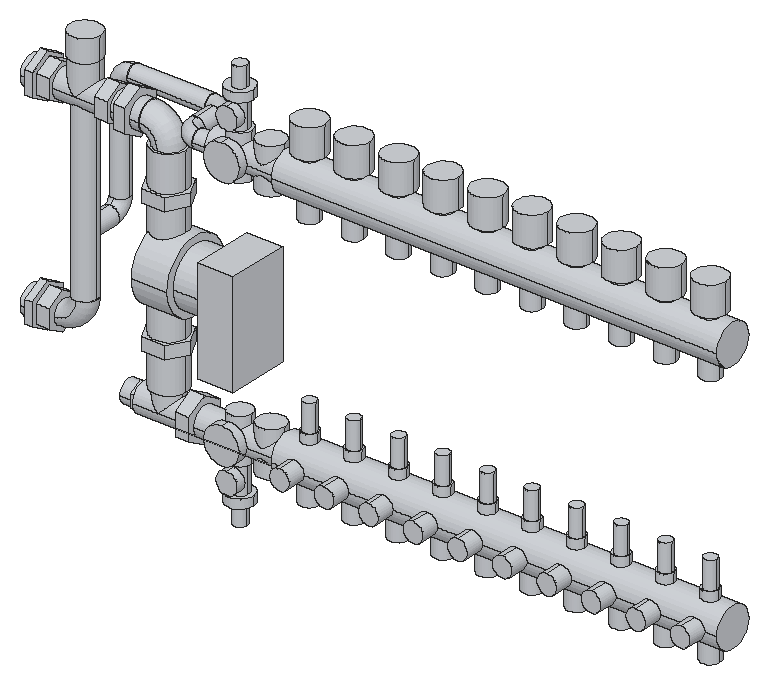
Revit family "318_9a689d3108a543b69a2137953e2806", category Pipe Accessories, Revit 2017 (continued)
Dimensions and locks
  aligned and locked: plane 31 "244" to Extrusion 128 sketch curve
  aligned and locked: plane 48 "227" to Extrusion 128 sketch curve
  aligned and locked: plane 48 "227" to Extrusion 129 sketch curve
  aligned and locked: plane 70 "205" to Extrusion 129 sketch curve
  aligned and locked: plane 48 "227" to Extrusion 131 sketch curve
  aligned and locked: plane 72 "203" to Extrusion 131 sketch curve
  aligned and locked: plane 33 "242" to Extrusion 134 sketch curve
  aligned and locked: Extrusion 134 sketch curve to plane 48 "227"
  aligned and locked: plane 33 "242" to Revolve 135 sketch curve
  aligned and locked: Revolve 135 sketch curve to plane 48 "227"
  aligned and locked: Extrusion 137 sketch curve to plane 48 "227"
  aligned and locked: plane 62 "213" to Extrusion 137 sketch curve
  aligned and locked: plane 48 "227" to Extrusion 138 sketch curve
  aligned and locked: plane 60 "215" to Extrusion 138 sketch curve
  aligned and locked: plane 48 "227" to Extrusion 139 sketch curve
  aligned and locked: plane 61 "214" to Extrusion 139 sketch curve
  aligned and locked: plane 48 "227" to Extrusion 140 sketch curve
  aligned and locked: plane 59 "216" to Extrusion 140 sketch curve
  aligned and locked: plane 48 "227" to Extrusion 141 sketch curve
  aligned and locked: plane 58 "217" to Extrusion 141 sketch curve
  aligned and locked: plane 48 "227" to Extrusion 142 sketch curve
  aligned and locked: plane 57 "218" to Extrusion 142 sketch curve
  aligned and locked: plane 48 "227" to Extrusion 143 sketch curve
  aligned and locked: plane 56 "219" to Extrusion 143 sketch curve
  aligned and locked: plane 48 "227" to Extrusion 144 sketch curve
  aligned and locked: plane 53 "222" to Extrusion 144 sketch curve
  aligned and locked: plane 48 "227" to Extrusion 145 sketch curve
  aligned and locked: plane 52 "223" to Extrusion 145 sketch curve
  aligned and locked: plane 48 "227" to Extrusion 146 sketch curve
  aligned and locked: plane 55 "220" to Extrusion 146 sketch curve
  aligned and locked: plane 48 "227" to Extrusion 147 sketch curve
  aligned and locked: plane 60 "215" to Extrusion 147 sketch curve
  aligned and locked: plane 48 "227" to Extrusion 148 sketch curve
  aligned and locked: plane 61 "214" to Extrusion 148 sketch curve
  aligned and locked: Extrusion 149 sketch curve to plane 48 "227"
  aligned and locked: plane 62 "213" to Extrusion 149 sketch curve
  aligned and locked: plane 48 "227" to Extrusion 150 sketch curve
  aligned and locked: plane 59 "216" to Extrusion 150 sketch curve
  aligned and locked: plane 48 "227" to Extrusion 151 sketch curve
  aligned and locked: plane 58 "217" to Extrusion 151 sketch curve
  aligned and locked: plane 48 "227" to Extrusion 152 sketch curve
  aligned and locked: plane 57 "218" to Extrusion 152 sketch curve
  aligned and locked: plane 48 "227" to Extrusion 153 sketch curve
  aligned and locked: plane 56 "219" to Extrusion 153 sketch curve
  aligned and locked: plane 48 "227" to Extrusion 154 sketch curve
  aligned and locked: plane 55 "220" to Extrusion 154 sketch curve
  aligned and locked: Extrusion 155 sketch curve to plane 48 "227"
  aligned and locked: plane 50 "225" to Extrusion 155 sketch curve
  aligned and locked: plane 33 "242" to Extrusion 156 sketch curve
  aligned and locked: Extrusion 156 sketch curve to plane 48 "227"
  aligned and locked: plane 48 "227" to Extrusion 157 sketch curve
  aligned and locked: plane 52 "223" to Extrusion 157 sketch curve
  aligned and locked: plane 48 "227" to Extrusion 158 sketch curve
  aligned and locked: plane 53 "222" to Extrusion 158 sketch curve
Automatic sketch dimensions
  plane 36 "239" to Extrusion 1 sketch curve = 1 mm
  Revolve 2 sketch curve to plane 7 "629" = 0 mm
  Revolve 2 sketch curve to level = 0 mm
  level to Revolve 2 sketch curve = 10 mm
  Revolve 2 sketch curve to plane 28 "247" = 7 mm
  plane 12 "614" to Extrusion 3 sketch curve = 5 mm
  Revolve 4 sketch curve to level = 0 mm
  plane 15 "606" to Revolve 4 sketch curve = 5 mm
  Revolve 4 sketch curve to plane 28 "247" = 7 mm
  plane 15 "606" to Extrusion 5 sketch curve = 5 mm
  Revolve 6 sketch curve to Revolve 6 sketch curve = 10 mm
  plane 4 "INIT_TEMP" to Revolve 6 sketch curve = 1015 mm
  Revolve 6 sketch curve to Revolve 6 sketch curve = 85 mm
  Extrusion 7 sketch curve to plane 72 "203" = 10 mm
  Revolve 8 sketch curve to plane 14 "607" = 0 mm
  Revolve 8 sketch curve to plane 23 "252" = 8.5 mm
  Revolve 8 sketch curve to plane 3 "Center (Left/Right)" = 885 mm
  Revolve 8 sketch curve to Revolve 8 sketch curve = 75 mm
  Extrusion 9 sketch curve to plane 23 "252" = 8.5 mm
  Revolve 10 sketch curve to plane 36 "239" = 0 mm
  Revolve 10 sketch curve to plane 44 "231" = 0 mm
  plane 4 "INIT_TEMP" to Revolve 10 sketch curve = 1120 mm
  Revolve 10 sketch curve to Revolve 10 sketch curve = 100 mm
  Extrusion 11 sketch curve to plane 1 "Center (Front/Back)" = 0 mm  (x2)
  Extrusion 11 sketch curve to plane 30 "245" = 0 mm
  plane 54 "221" to Extrusion 11 sketch curve = 0.349 mm
  plane 6 "630" to Extrusion 11 sketch curve = 11.651 mm
  Extrusion 11 sketch curve to plane 51 "224" = 9.5 mm  (x2)
  plane 12 "614" to Extrusion 11 sketch curve = 2.5 mm  (x2)
  Extrusion 11 sketch curve to plane 44 "231" = 4 mm
  Extrusion 12 sketch curve to plane 36 "239" = 0 mm
  plane 75 "200" to Extrusion 13 sketch curve = 8 mm
  Extrusion 14 sketch curve to plane 15 "606" = 0 mm
  Extrusion 14 sketch curve to plane 54 "221" = 13 mm
  plane 41 "234" to Extrusion 14 sketch curve = 3.5 mm
  plane 14 "607" to Extrusion 14 sketch curve = 21.5 mm
  Extrusion 15 sketch curve to plane 54 "221" = 10.5 mm
  Extrusion 16 sketch curve to plane 54 "221" = 18 mm
  plane 18 "595" to Extrusion 17 sketch curve = 2 mm
  plane 75 "200" to Extrusion 18 sketch curve = 9 mm
  Extrusion 19 sketch curve to level = 0 mm
  plane 44 "231" to Extrusion 19 sketch curve = 1 mm
  Extrusion 20 sketch curve to plane 31 "244" = 9 mm
  plane 21 "254" to Extrusion 21 sketch curve = 5 mm
  Extrusion 22 sketch curve to plane 31 "244" = 7.5 mm
  plane 66 "209" to Extrusion 23 sketch curve = 2 mm
  plane 21 "254" to Extrusion 24 sketch curve = 7 mm
  plane 65 "210" to Extrusion 25 sketch curve = 5 mm
  plane 40 "235" to Extrusion 26 sketch curve = 4 mm
  Extrusion 27 sketch curve to plane 31 "244" = 7.5 mm
  plane 21 "254" to Extrusion 28 sketch curve = 5 mm
  Extrusion 29 sketch curve to plane 31 "244" = 9 mm
  plane 18 "595" to Extrusion 30 sketch curve = 2 mm
  plane 34 "241" to Extrusion 31 sketch curve = 1 mm
  plane 1 "Center (Front/Back)" to Extrusion 32 sketch curve = 0 mm  (x2)
  plane 32 "243" to Extrusion 32 sketch curve = 3 mm
  Extrusion 32 sketch curve to plane 24 "251" = 2.5 mm  (x2)
  plane 54 "221" to Extrusion 32 sketch curve = 0.349 mm
  plane 9 "621" to Extrusion 32 sketch curve = 4.5 mm  (x2)
  plane 8 "626" to Extrusion 32 sketch curve = 2 mm
  plane 6 "630" to Extrusion 32 sketch curve = 11.651 mm
  plane 1 "Center (Front/Back)" to Extrusion 33 sketch curve = 0 mm  (x2)
  plane 32 "243" to Extrusion 33 sketch curve = 3 mm
  plane 54 "221" to Extrusion 33 sketch curve = 0.349 mm
  Extrusion 33 sketch curve to plane 24 "251" = 2.5 mm  (x2)
  plane 9 "621" to Extrusion 33 sketch curve = 4.5 mm  (x2)
  plane 8 "626" to Extrusion 33 sketch curve = 2 mm
  plane 6 "630" to Extrusion 33 sketch curve = 11.651 mm
  plane 18 "595" to Extrusion 34 sketch curve = 2 mm
  plane 36 "239" to Extrusion 35 sketch curve = 3.5 mm
  Extrusion 36 sketch curve to plane 1 "Center (Front/Back)" = 0 mm  (x2)
  plane 36 "239" to Extrusion 36 sketch curve = 3.01 mm
  plane 6 "630" to Extrusion 36 sketch curve = 2.99 mm
  plane 65 "210" to Extrusion 36 sketch curve = 10 mm
  Extrusion 36 sketch curve to plane 49 "226" = 7.5 mm  (x2)
  plane 49 "226" to Extrusion 36 sketch curve = 7.5 mm  (x2)
  Extrusion 36 sketch curve to plane 42 "233" = 6 mm
  Extrusion 37 sketch curve to plane 1 "Center (Front/Back)" = 0 mm  (x2)
  Extrusion 37 sketch curve to plane 30 "245" = 0 mm
  plane 54 "221" to Extrusion 37 sketch curve = 0.349 mm
  plane 6 "630" to Extrusion 37 sketch curve = 11.651 mm
  Extrusion 37 sketch curve to plane 51 "224" = 9.5 mm  (x2)
  plane 12 "614" to Extrusion 37 sketch curve = 2.5 mm  (x2)
  Extrusion 37 sketch curve to plane 44 "231" = 4 mm
  Extrusion 38 sketch curve to plane 36 "239" = 0 mm
  Extrusion 39 sketch curve to plane 1 "Center (Front/Back)" = 0 mm  (x2)
  Extrusion 39 sketch curve to plane 65 "210" = 0 mm
  Extrusion 39 sketch curve to plane 71 "204" = 0 mm
  plane 54 "221" to Extrusion 39 sketch curve = 0.349 mm
  plane 6 "630" to Extrusion 39 sketch curve = 11.651 mm
  Extrusion 39 sketch curve to plane 49 "226" = 12.5 mm  (x2)
  Extrusion 39 sketch curve to plane 42 "233" = 8.5 mm  (x2)
  Extrusion 40 sketch curve to plane 36 "239" = 0 mm
  Extrusion 127 sketch curve to plane 70 "205" = 15 mm
  plane 21 "254" to Extrusion 128 sketch curve = 7 mm
  Extrusion 129 sketch curve to plane 70 "205" = 15 mm
  Extrusion 130 sketch curve to plane 1 "Center (Front/Back)" = 0 mm  (x2)
  Extrusion 130 sketch curve to plane 44 "231" = 0 mm
  Extrusion 130 sketch curve to plane 36 "239" = 2.187 mm
  plane 6 "630" to Extrusion 130 sketch curve = 8.187 mm
  plane 12 "614" to Extrusion 130 sketch curve = 4.5 mm  (x2)
  level to Extrusion 130 sketch curve = 10.5 mm  (x2)
  Extrusion 130 sketch curve to plane 51 "224" = 1 mm
  plane 75 "200" to Extrusion 131 sketch curve = 12 mm
  Extrusion 132 sketch curve to plane 1 "Center (Front/Back)" = 0 mm  (x2)
  Extrusion 132 sketch curve to plane 44 "231" = 0 mm
  Extrusion 132 sketch curve to plane 36 "239" = 2.187 mm
  plane 6 "630" to Extrusion 132 sketch curve = 8.187 mm
  plane 12 "614" to Extrusion 132 sketch curve = 4.5 mm  (x2)
  level to Extrusion 132 sketch curve = 10.5 mm  (x2)
  Extrusion 132 sketch curve to plane 51 "224" = 1 mm
  Extrusion 133 sketch curve to plane 1 "Center (Front/Back)" = 0 mm  (x2)
  Extrusion 133 sketch curve to plane 25 "250" = 0 mm
  Extrusion 133 sketch curve to plane 36 "239" = 2.187 mm
  plane 41 "234" to Extrusion 133 sketch curve = 3.5 mm  (x2)
  plane 6 "630" to Extrusion 133 sketch curve = 8.187 mm
  Extrusion 133 sketch curve to plane 33 "242" = 10.5 mm  (x2)
  plane 67 "208" to Extrusion 133 sketch curve = 1 mm
  Extrusion 134 sketch curve to plane 36 "239" = 0 mm
  Revolve 135 sketch curve to plane 76 "199" = 0 mm
  plane 36 "239" to Revolve 135 sketch curve = 3 mm
  plane 4 "INIT_TEMP" to Revolve 135 sketch curve = 825 mm
  Revolve 135 sketch curve to Revolve 135 sketch curve = 100 mm
  Extrusion 136 sketch curve to plane 1 "Center (Front/Back)" = 0 mm  (x2)
  Extrusion 136 sketch curve to plane 76 "199" = 0 mm
  plane 54 "221" to Extrusion 136 sketch curve = 0.349 mm
  plane 41 "234" to Extrusion 136 sketch curve = 5.5 mm  (x2)
  plane 6 "630" to Extrusion 136 sketch curve = 11.651 mm
  plane 67 "208" to Extrusion 136 sketch curve = 9.5 mm  (x2)
  Extrusion 136 sketch curve to plane 67 "208" = 3 mm
  plane 6 "630" to Extrusion 137 sketch curve = 0 mm
  Extrusion 138 sketch curve to plane 6 "630" = 0 mm
  Extrusion 139 sketch curve to plane 6 "630" = 0 mm
  Extrusion 140 sketch curve to plane 6 "630" = 0 mm
  Extrusion 141 sketch curve to plane 6 "630" = 0 mm
  Extrusion 142 sketch curve to plane 6 "630" = 0 mm
  Extrusion 143 sketch curve to plane 6 "630" = 0 mm
  Extrusion 144 sketch curve to plane 6 "630" = 0 mm
  Extrusion 145 sketch curve to plane 6 "630" = 0 mm
  Extrusion 146 sketch curve to plane 6 "630" = 0 mm
  Extrusion 147 sketch curve to plane 6 "630" = 0 mm
  Extrusion 148 sketch curve to plane 6 "630" = 0 mm
  plane 6 "630" to Extrusion 149 sketch curve = 0 mm
  Extrusion 150 sketch curve to plane 6 "630" = 0 mm
  Extrusion 151 sketch curve to plane 6 "630" = 0 mm
  Extrusion 152 sketch curve to plane 6 "630" = 0 mm
  Extrusion 153 sketch curve to plane 6 "630" = 0 mm
  Extrusion 154 sketch curve to plane 6 "630" = 0 mm
  Extrusion 155 sketch curve to plane 6 "630" = 0 mm
  Extrusion 156 sketch curve to plane 6 "630" = 0 mm
  Extrusion 157 sketch curve to plane 6 "630" = 0 mm
  Extrusion 158 sketch curve to plane 6 "630" = 0 mm
Connectors
  piping at (0, 0, 0), diameter 25, driven by "Flow supply main", driven by "SMP"
    settings: on Extrusion 155, index 1, connector inside diameter 609.6 mm, connector length 0 mm, flow factor 0, pipe flow 0.0 L/s, pressure drop 0.0 Pa, fitting loss kfactor 0, connector angle 0.00°, fixture units 0, engagement length 0 mm, angle of deflection 0.00°, flow configuration 1, flow direction 1, fitting loss method 0, system type 7, joint type 0, gender type 0, connector reference index -1, connector utility 0, adjustable connector no, is connector primary yes, connector description "Main_1_1"
  piping at (312, 0, -325), diameter 18, driven by "Flow supply 1", driven by "SBP1"
    settings: on Extrusion 157, index 2, connector inside diameter 609.6 mm, connector length 0 mm, flow factor 0, pipe flow 0.0 L/s, pressure drop 0.0 Pa, fitting loss kfactor 0, connector angle 0.00°, fixture units 0, engagement length 0 mm, angle of deflection 0.00°, flow configuration 0, flow direction 2, fitting loss method 0, system type 7, joint type 0, gender type 0, connector reference index -1, connector utility 0, adjustable connector no, is connector primary no, connector description "Branch_1_1"
  piping at (362, 0, -325), diameter 18, driven by "Flow supply 2", driven by "SBP2"
    settings: on Extrusion 158, index 3, connector inside diameter 609.6 mm, connector length 0 mm, flow factor 0, pipe flow 0.0 L/s, pressure drop 0.0 Pa, fitting loss kfactor 0, connector angle 0.00°, fixture units 0, engagement length 0 mm, angle of deflection 0.00°, flow configuration 0, flow direction 2, fitting loss method 0, system type 7, joint type 0, gender type 0, connector reference index -1, connector utility 0, adjustable connector no, is connector primary no, connector description "Branch_1_2"
  piping at (412, 0, -325), diameter 18, driven by "Flow supply 3", driven by "SBP3"
    settings: on Extrusion 154, index 4, connector inside diameter 609.6 mm, connector length 0 mm, flow factor 0, pipe flow 0.0 L/s, pressure drop 0.0 Pa, fitting loss kfactor 0, connector angle 0.00°, fixture units 0, engagement length 0 mm, angle of deflection 0.00°, flow configuration 0, flow direction 2, fitting loss method 0, system type 7, joint type 0, gender type 0, connector reference index -1, connector utility 0, adjustable connector no, is connector primary no, connector description "Branch_1_3"
  piping at (462, 0, -325), diameter 18, driven by "Flow supply 4", driven by "SBP4"
    settings: on Extrusion 153, index 5, connector inside diameter 609.6 mm, connector length 0 mm, flow factor 0, pipe flow 0.0 L/s, pressure drop 0.0 Pa, fitting loss kfactor 0, connector angle 0.00°, fixture units 0, engagement length 0 mm, angle of deflection 0.00°, flow configuration 0, flow direction 2, fitting loss method 0, system type 7, joint type 0, gender type 0, connector reference index -1, connector utility 0, adjustable connector no, is connector primary no, connector description "Branch_1_4"
  piping at (512, 0, -325), diameter 18, driven by "Flow supply 5", driven by "SBP5"
    settings: on Extrusion 152, index 6, connector inside diameter 609.6 mm, connector length 0 mm, flow factor 0, pipe flow 0.0 L/s, pressure drop 0.0 Pa, fitting loss kfactor 0, connector angle 0.00°, fixture units 0, engagement length 0 mm, angle of deflection 0.00°, flow configuration 0, flow direction 2, fitting loss method 0, system type 7, joint type 0, gender type 0, connector reference index -1, connector utility 0, adjustable connector no, is connector primary no, connector description "Branch_1_5"
  piping at (562, 0, -325), diameter 18, driven by "Flow supply 6", driven by "SBP6"
    settings: on Extrusion 151, index 7, connector inside diameter 609.6 mm, connector length 0 mm, flow factor 0, pipe flow 0.0 L/s, pressure drop 0.0 Pa, fitting loss kfactor 0, connector angle 0.00°, fixture units 0, engagement length 0 mm, angle of deflection 0.00°, flow configuration 0, flow direction 2, fitting loss method 0, system type 7, joint type 0, gender type 0, connector reference index -1, connector utility 0, adjustable connector no, is connector primary no, connector description "Branch_1_6"
  piping at (612, 0, -325), diameter 18, driven by "Flow supply 7", driven by "SBP7"
    settings: on Extrusion 150, index 8, connector inside diameter 609.6 mm, connector length 0 mm, flow factor 0, pipe flow 0.0 L/s, pressure drop 0.0 Pa, fitting loss kfactor 0, connector angle 0.00°, fixture units 0, engagement length 0 mm, angle of deflection 0.00°, flow configuration 0, flow direction 2, fitting loss method 0, system type 7, joint type 0, gender type 0, connector reference index -1, connector utility 0, adjustable connector no, is connector primary no, connector description "Branch_1_7"
  piping at (662, 0, -325), diameter 18, driven by "Flow supply 8", driven by "SBP8"
    settings: on Extrusion 147, index 9, connector inside diameter 609.6 mm, connector length 0 mm, flow factor 0, pipe flow 0.0 L/s, pressure drop 0.0 Pa, fitting loss kfactor 0, connector angle 0.00°, fixture units 0, engagement length 0 mm, angle of deflection 0.00°, flow configuration 0, flow direction 2, fitting loss method 0, system type 7, joint type 0, gender type 0, connector reference index -1, connector utility 0, adjustable connector no, is connector primary no, connector description "Branch_1_8"
  piping at (712, 0, -325), diameter 18, driven by "Flow supply 9", driven by "SBP9"
    settings: on Extrusion 148, index 10, connector inside diameter 609.6 mm, connector length 0 mm, flow factor 0, pipe flow 0.0 L/s, pressure drop 0.0 Pa, fitting loss kfactor 0, connector angle 0.00°, fixture units 0, engagement length 0 mm, angle of deflection 0.00°, flow configuration 0, flow direction 2, fitting loss method 0, system type 7, joint type 0, gender type 0, connector reference index -1, connector utility 0, adjustable connector no, is connector primary no, connector description "Branch_1_9"
  piping at (762, 0, -325), diameter 18, driven by "Flow supply 10", driven by "SBP10"
    settings: on Extrusion 149, index 11, connector inside diameter 609.6 mm, connector length 0 mm, flow factor 0, pipe flow 0.0 L/s, pressure drop 0.0 Pa, fitting loss kfactor 0, connector angle 0.00°, fixture units 0, engagement length 0 mm, angle of deflection 0.00°, flow configuration 0, flow direction 2, fitting loss method 0, system type 7, joint type 0, gender type 0, connector reference index -1, connector utility 0, adjustable connector no, is connector primary no, connector description "Branch_1_10"
  piping at (0, 0, -231), diameter 25, driven by "Flow return main", driven by "RMP"
    settings: on Extrusion 156, index 12, connector inside diameter 609.6 mm, connector length 0 mm, flow factor 0, pipe flow 0.0 L/s, pressure drop 0.0 Pa, fitting loss kfactor 0, connector angle 0.00°, fixture units 0, engagement length 0 mm, angle of deflection 0.00°, flow configuration 1, flow direction 2, fitting loss method 0, system type 8, joint type 0, gender type 0, connector reference index -1, connector utility 0, adjustable connector no, is connector primary no, connector description "Main_2_1"
  piping at (312, 0, -40), diameter 18, driven by "Flow return 1", driven by "RBP1"
    settings: on Extrusion 145, index 13, connector inside diameter 609.6 mm, connector length 0 mm, flow factor 0, pipe flow 0.0 L/s, pressure drop 0.0 Pa, fitting loss kfactor 0, connector angle 0.00°, fixture units 0, engagement length 0 mm, angle of deflection 0.00°, flow configuration 0, flow direction 1, fitting loss method 0, system type 8, joint type 0, gender type 0, connector reference index -1, connector utility 0, adjustable connector no, is connector primary no, connector description "Branch_2_1"
  piping at (362, 0, -40), diameter 18, driven by "Flow return 2", driven by "RBP2"
    settings: on Extrusion 144, index 14, connector inside diameter 609.6 mm, connector length 0 mm, flow factor 0, pipe flow 0.0 L/s, pressure drop 0.0 Pa, fitting loss kfactor 0, connector angle 0.00°, fixture units 0, engagement length 0 mm, angle of deflection 0.00°, flow configuration 0, flow direction 1, fitting loss method 0, system type 8, joint type 0, gender type 0, connector reference index -1, connector utility 0, adjustable connector no, is connector primary no, connector description "Branch_2_2"
  piping at (412, 0, -40), diameter 18, driven by "Flow return 3", driven by "RBP3"
    settings: on Extrusion 146, index 15, connector inside diameter 609.6 mm, connector length 0 mm, flow factor 0, pipe flow 0.0 L/s, pressure drop 0.0 Pa, fitting loss kfactor 0, connector angle 0.00°, fixture units 0, engagement length 0 mm, angle of deflection 0.00°, flow configuration 0, flow direction 1, fitting loss method 0, system type 8, joint type 0, gender type 0, connector reference index -1, connector utility 0, adjustable connector no, is connector primary no, connector description "Branch_2_3"
  piping at (462, 0, -40), diameter 18, driven by "Flow return 4", driven by "RBP4"
    settings: on Extrusion 143, index 16, connector inside diameter 609.6 mm, connector length 0 mm, flow factor 0, pipe flow 0.0 L/s, pressure drop 0.0 Pa, fitting loss kfactor 0, connector angle 0.00°, fixture units 0, engagement length 0 mm, angle of deflection 0.00°, flow configuration 0, flow direction 1, fitting loss method 0, system type 8, joint type 0, gender type 0, connector reference index -1, connector utility 0, adjustable connector no, is connector primary no, connector description "Branch_2_4"
  piping at (512, 0, -40), diameter 18, driven by "Flow return 5", driven by "RBP5"
    settings: on Extrusion 142, index 17, connector inside diameter 609.6 mm, connector length 0 mm, flow factor 0, pipe flow 0.0 L/s, pressure drop 0.0 Pa, fitting loss kfactor 0, connector angle 0.00°, fixture units 0, engagement length 0 mm, angle of deflection 0.00°, flow configuration 0, flow direction 1, fitting loss method 0, system type 8, joint type 0, gender type 0, connector reference index -1, connector utility 0, adjustable connector no, is connector primary no, connector description "Branch_2_5"
  piping at (562, 0, -40), diameter 18, driven by "Flow return 6", driven by "RBP6"
    settings: on Extrusion 141, index 18, connector inside diameter 609.6 mm, connector length 0 mm, flow factor 0, pipe flow 0.0 L/s, pressure drop 0.0 Pa, fitting loss kfactor 0, connector angle 0.00°, fixture units 0, engagement length 0 mm, angle of deflection 0.00°, flow configuration 0, flow direction 1, fitting loss method 0, system type 8, joint type 0, gender type 0, connector reference index -1, connector utility 0, adjustable connector no, is connector primary no, connector description "Branch_2_6"
  piping at (612, 0, -40), diameter 18, driven by "Flow return 7", driven by "RBP7"
    settings: on Extrusion 140, index 19, connector inside diameter 609.6 mm, connector length 0 mm, flow factor 0, pipe flow 0.0 L/s, pressure drop 0.0 Pa, fitting loss kfactor 0, connector angle 0.00°, fixture units 0, engagement length 0 mm, angle of deflection 0.00°, flow configuration 0, flow direction 1, fitting loss method 0, system type 8, joint type 0, gender type 0, connector reference index -1, connector utility 0, adjustable connector no, is connector primary no, connector description "Branch_2_7"
  piping at (662, 0, -40), diameter 18, driven by "Flow return 8", driven by "RBP8"
    settings: on Extrusion 138, index 20, connector inside diameter 609.6 mm, connector length 0 mm, flow factor 0, pipe flow 0.0 L/s, pressure drop 0.0 Pa, fitting loss kfactor 0, connector angle 0.00°, fixture units 0, engagement length 0 mm, angle of deflection 0.00°, flow configuration 0, flow direction 1, fitting loss method 0, system type 8, joint type 0, gender type 0, connector reference index -1, connector utility 0, adjustable connector no, is connector primary no, connector description "Branch_2_8"
  piping at (712, 0, -40), diameter 18, driven by "Flow return 9", driven by "RBP9"
    settings: on Extrusion 139, index 21, connector inside diameter 609.6 mm, connector length 0 mm, flow factor 0, pipe flow 0.0 L/s, pressure drop 0.0 Pa, fitting loss kfactor 0, connector angle 0.00°, fixture units 0, engagement length 0 mm, angle of deflection 0.00°, flow configuration 0, flow direction 1, fitting loss method 0, system type 8, joint type 0, gender type 0, connector reference index -1, connector utility 0, adjustable connector no, is connector primary no, connector description "Branch_2_9"
  piping at (762, 0, -40), diameter 18, driven by "Flow return 10", driven by "RBP10"
    settings: on Extrusion 137, index 22, connector inside diameter 609.6 mm, connector length 0 mm, flow factor 0, pipe flow 0.0 L/s, pressure drop 0.0 Pa, fitting loss kfactor 0, connector angle 0.00°, fixture units 0, engagement length 0 mm, angle of deflection 0.00°, flow configuration 0, flow direction 1, fitting loss method 0, system type 8, joint type 0, gender type 0, connector reference index -1, connector utility 0, adjustable connector no, is connector primary no, connector description "Branch_2_10"
